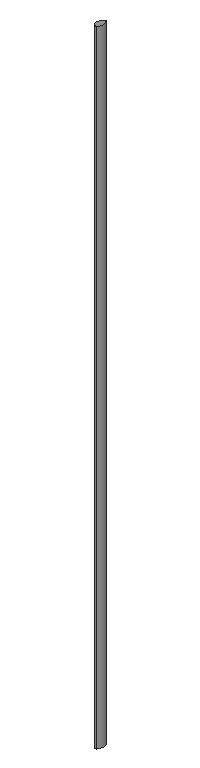
Revit family "Planet-Wattohm Colonnes Logix Ovaline", category Installations électriques, Revit 2020
Family settings
  Conserver l'orientation des annotations = Non
  Cote de connecteur circulaire = Utiliser le diamètre
  Type d'élément = Normal
  Basée sur le plan de construction = Non
  Toujours verticalement = Oui
  Couper avec des vides une fois chargée = Non
  Partagée = Non
  Point de calcul de pièce = Non
Parameters (values of type "tube seul Colonne Ovaline 3,2m")
  Standard = "Ovaline"
  Nombre de compartiments = "Autre"
  Modèle = "PW-32362"
  Matériau principal = "Aluminium"
  H1 [instance] = 3200 mm
  Finition = "Aluminium"
  Fabricant = "LEGRAND"
  Elévation par défaut = 0 mm
  Description = "IDS_DESCRITPION_LG-PW_32362"
  Caps Haut [instance] = and(Caps, H1 > 3199 mm)  # no
  Caps = no
Types (2, lengths in mm): name | Modèle | Description | Caps Haut | Caps
  Colonne complet Ovaline 3,2m | "PW-32363" | "Tube Ovaline pour extension horizontale" | yes | yes
  tube seul Colonne Ovaline 3,2m | "PW-32362" | "IDS_DESCRITPION_LG-PW_32362" | no | no
Reference planes
  plane 1 "Centre (avant/arrière)": y = 0
  plane 2: z = 0
  plane 3 "Centre (gauche/droite)": x = 0
  plane 4: z = 3200
  plane 5 "Bas Corps": z = 90
  plane 6 "Haut corps": z = 3110
  plane 7: z = 3200
  plane 8: z = 3201
Forms (mm)
  Extrusion 1, solid, material "Legrand - Aluminium gris"
    sketch origin (0, 0, 0) x (1, 0, 0) y (0, 1, 0)
      loop
        arc (-5, 27.5) -> (-16.5, 0) -> (-5, -27.5) r 38.63
        line (-5, -27.5) -> (5, -27.5)
        arc (5, -27.5) -> (16.5, 0) -> (5, 27.5) r 38.63
        line (5, 27.5) -> (-5, 27.5)
    from 0 to 3200
  Blend 2, solid, material "Legrand - PVC  Gris", visible <- "Caps"
    base sketch origin (0, 0, 0) x (1, 0, 0) y (0, 1, 0)
      loop
        arc (-10, 60) -> (-27.5, 0) -> (-10, -60) r 111.607
        arc (-10, -60) -> (0, -65) -> (10, -60) r 12.5
        arc (10, -60) -> (27.5, 0) -> (10, 60) r 111.607
        arc (10, 60) -> (0, 65) -> (-10, 60) r 12.5
    top sketch origin (0, 0, 0) x (1, 0, 0) y (0, 1, 0)
      loop
        arc (-6.405, -28.924) -> (0, -31.551) -> (6.405, -28.924) r 9.119
        arc (6.405, -28.924) -> (18.5, 0) -> (6.405, 28.924) r 40.63
        arc (6.405, 28.924) -> (0, 31.551) -> (-6.405, 28.924) r 9.119
        arc (-6.405, 28.924) -> (-18.5, 0) -> (-6.405, -28.924) r 40.63
    from 0 to 90
  Blend 3, solid, material "Legrand - PVC  Gris", visible <- "Caps Haut"
    base sketch origin (0, 0, 2700) x (0, -1, 0) y (1, 0, 0)
      loop
        arc (-60, -10) -> (0, -27.5) -> (60, -10) r 111.607
        arc (60, -10) -> (65, 0) -> (60, 10) r 12.5
        arc (60, 10) -> (0, 27.5) -> (-60, 10) r 111.607
        arc (-60, 10) -> (-65, 0) -> (-60, -10) r 12.5
    top sketch origin (0, 0, 2700) x (0, -1, 0) y (1, 0, 0)
      loop
        arc (28.924, -6.405) -> (31.551, 0) -> (28.924, 6.405) r 9.119
        arc (28.924, 6.405) -> (0, 18.5) -> (-28.924, 6.405) r 40.63
        arc (-28.924, 6.405) -> (-31.551, 0) -> (-28.924, -6.405) r 9.119
        arc (-28.924, -6.405) -> (0, -18.5) -> (28.924, -6.405) r 40.63
    from 500 to 410
  Extrusion 4, void
    sketch origin (0, 0, 0) x (1, 0, 0) y (0, 1, 0)
      loop
        line (-21.183, 49.931) -> (-21.183, -50.069) -> (23.817, -50.069) -> (23.817, 49.931) -> (-21.183, 49.931)
    from 3200 to 3201
Cuts and joins
  Extrusion 4 cuts Extrusion 1
  Extrusion 4 cuts Blend 2
Dimensions and locks
  locked: plane 5 "Bas Corps" to plane 2 at 90
  locked: plane 4 to plane 6 "Haut corps" at 90
  locked: plane 8 to plane 4 at 1
  "H1": plane 7 to plane 2
  aligned and locked: level to plane 2
  aligned and locked: plane 5 "Bas Corps" to Blend 2
  aligned and locked: Blend 3 to plane 6 "Haut corps"
  aligned and locked: plane 4 to Blend 3
  aligned and locked: Extrusion 4 to plane 7
  aligned and locked: plane 8 to Extrusion 4
  aligned and locked: plane 4 to Extrusion 1
  aligned and locked: Extrusion 1 to level
Automatic sketch dimensions
  plane 1 "Centre (avant/arrière)" to Extrusion 1 sketch curve = 0 mm  (x2)
  Extrusion 1 sketch curve to plane 3 "Centre (gauche/droite)" = 22.13 mm
  Extrusion 1 sketch curve to plane 3 "Centre (gauche/droite)" = 5 mm  (x2)
  plane 3 "Centre (gauche/droite)" to Extrusion 1 sketch curve = 5 mm
  plane 3 "Centre (gauche/droite)" to Extrusion 1 sketch curve = 22.13 mm
  plane 1 "Centre (avant/arrière)" to Extrusion 1 sketch curve = 27.5 mm
  plane 1 "Centre (avant/arrière)" to Blend 2 sketch curve = 0 mm  (x4)
  Blend 2 sketch curve to plane 3 "Centre (gauche/droite)" = 0 mm  (x4)
  Blend 2 sketch curve to plane 3 "Centre (gauche/droite)" = 84.107 mm
  plane 3 "Centre (gauche/droite)" to Blend 2 sketch curve = 84.107 mm
  plane 1 "Centre (avant/arrière)" to Blend 2 sketch curve = 52.5 mm
  Blend 2 sketch curve to plane 1 "Centre (avant/arrière)" = 52.5 mm
  Blend 2 sketch curve to plane 3 "Centre (gauche/droite)" = 10 mm  (x2)
  plane 3 "Centre (gauche/droite)" to Blend 2 sketch curve = 10 mm
  Blend 2 sketch curve to Blend 2 sketch curve = 7.5 mm
  Blend 2 sketch curve to plane 3 "Centre (gauche/droite)" = 22.13 mm
  plane 3 "Centre (gauche/droite)" to Blend 2 sketch curve = 22.13 mm
  plane 1 "Centre (avant/arrière)" to Blend 2 sketch curve = 22.432 mm
  Blend 2 sketch curve to plane 1 "Centre (avant/arrière)" = 22.432 mm
  Blend 2 sketch curve to plane 3 "Centre (gauche/droite)" = 6.405 mm  (x2)
  Blend 2 sketch curve to Blend 2 sketch curve = 0 mm  (x2)
  Blend 3 sketch curve to plane 3 "Centre (gauche/droite)" = 0 mm  (x4)
  plane 1 "Centre (avant/arrière)" to Blend 3 sketch curve = 0 mm  (x4)
  Blend 3 sketch curve to plane 1 "Centre (avant/arrière)" = 52.5 mm
  plane 1 "Centre (avant/arrière)" to Blend 3 sketch curve = 52.5 mm
  Blend 3 sketch curve to plane 3 "Centre (gauche/droite)" = 84.107 mm
  plane 3 "Centre (gauche/droite)" to Blend 3 sketch curve = 84.107 mm
  Blend 3 sketch curve to Blend 3 sketch curve = 7.5 mm  (x3)
  Blend 3 sketch curve to plane 3 "Centre (gauche/droite)" = 10 mm
  Blend 3 sketch curve to plane 1 "Centre (avant/arrière)" = 22.432 mm
  plane 1 "Centre (avant/arrière)" to Blend 3 sketch curve = 22.432 mm
  Blend 3 sketch curve to plane 3 "Centre (gauche/droite)" = 22.13 mm
  plane 3 "Centre (gauche/droite)" to Blend 3 sketch curve = 22.13 mm
  plane 3 "Centre (gauche/droite)" to Blend 3 sketch curve = 6.405 mm
  Blend 3 sketch curve to plane 3 "Centre (gauche/droite)" = 6.405 mm
  Blend 3 sketch curve to Blend 3 sketch curve = 0 mm  (x2)
  Extrusion 4 sketch curve to plane 3 "Centre (gauche/droite)" = 21.183 mm
  plane 3 "Centre (gauche/droite)" to Extrusion 4 sketch curve = 23.817 mm
  plane 1 "Centre (avant/arrière)" to Extrusion 4 sketch curve = 50.069 mm
  Extrusion 4 sketch curve to plane 1 "Centre (avant/arrière)" = 49.931 mm
